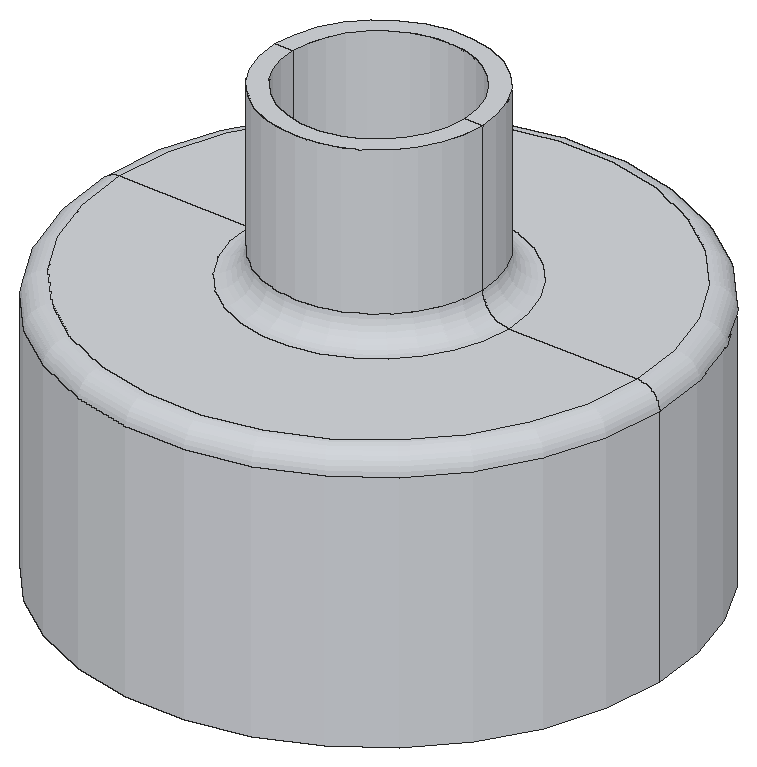
Revit family "TB1B", category Generic Models, Revit 2017
Family settings
  Can host rebar = No
  Round Connector Dimension = Use Diameter
  Part Type = Normal
  Work Plane-Based = Yes
  Always vertical = No
  Cut with Voids When Loaded = No
  Shared = No
  Room Calculation Point = No
Parameters (values of type "NBS Standard Parameters")
  Weight = "0.271Kg"
  WarrantyStartDate [instance] = "1900-12-31T23:59:59"
  WarrantyGuarantorParts = "n/a"
  WarrantyGuarantorLabor = "n/a"
  WarrantyDurationUnit = "1 year"
  WarrantyDurationParts = "n/a"
  WarrantyDurationLabor = "n/a"
  WarrantyDescription = "n/a"
  Version = "1"
  Uniclass2 = "Pr_65_70_11_20"
  TagNumber [instance] = "n/a"
  SustainabilityPerformance = "n/a"
  Size = "20mm"
  Shape = "Circular"
  SerialNumber [instance] = "n/a"
  Revision = "n/a"
  ReplacementCost = "n/a"
  ProductInformation = "www.metpro.co.uk/pdf/tb1g.pdf"
  NominalWidth = 66 mm
  NominalLength = 66 mm
  NominalHeight = 50 mm
  Name = ""
  NBSTypeID = ""
  NBSReference = "90-55-10/460"
  NBSOfficeMasterTag = ""
  NBSNote = ""
  NBSDescription = "Conduit Fittings"
  NBSCertification = ""
  ModelReference = "TB1B"
  ModelNumber = "n/a"
  Material = "Malleable Iron"
  ManufacturerURL = "www.metpro.co.uk"
  ManufacturerName = "Metpro Ltd"
  InstallationDate [instance] = "1900-12-31T23:59:59"
  IfcExportType = ""
  IfcExportAs = ""
  Grade = "n/a"
  Finish = "Black"
  Features = "n/a"
  ExpectedLife = "n/a"
  DurationUnit = "year"
  Description = "TB1 - 20mm Black Outlet Malleable Conduit Box"
  Default Elevation = 1219.2 mm
  Constituents = "n/a"
  Color = "n/a"
  CodePerformance = "n/a"
  Category = "n/a"
  BarCode [instance] = "n/a"
  BIMObjectName = "Metpro_metprolibrary_conduitfitting_metalcomponent_malleablecircularbox"
  Author = "Metpro Ltd"
  AssetType = ""
  AssetIdentifier [instance] = "n/a"
  AccessibilityPerformance = "n/a"
Reference planes
  plane 1 "Center (Front/Back)": y = 0
  plane 2: z = 0
  plane 3 "Center (Left/Right)": x = 0
Forms (mm)
  Revolve 1, solid
    sketch origin (155.469, 905.953, 750.484) x (1, 0, 0) y (0, 0, -1)
      loop
        line (-32.5, 40.541) -> (-32.5, 12.5)
        arc (-32.5, 12.5) -> (-31.768, 10.732) -> (-30, 10) r 2.5
        line (-30, 10) -> (-15.03, 10)
        arc (-15.03, 10) -> (-12.909, 9.121) -> (-12.03, 7) r 3
        line (-12.03, 7) -> (-12.03, -10) -> (-10, -10) -> (-10, 10.411)
        arc (-10, 10.411) -> (-10.624, 11.917) -> (-12.131, 12.541) r 2.131
        line (-12.131, 12.541) -> (-27, 12.541)
        arc (-27, 12.541) -> (-29.121, 13.42) -> (-30, 15.541) r 3
        line (-30, 15.541) -> (-30, 40.541) -> (-32.5, 40.541)
      axis (0, -10) -> (0, 40.541)
    angle from 0 to 360
  Extrusion 2, solid
    sketch origin (155.469, 905.953, 709.943) x (-1, 0, 0) y (0, 1, 0)
      loop
        arc (-21.577, 13.805) -> (-16.02, 13.887) -> (-15.821, 19.441) r 4.033
        line (-15.821, 19.441) -> (-19.326, 22.946)
        arc (-19.326, 22.946) -> (-22.235, 20.14) -> (-24.74, 16.968) r 30
        line (-24.74, 16.968) -> (-21.577, 13.805)
      loop
        circle (-18.842, 16.769) r 1.752
      loop
        line (13.805, -21.577) -> (16.968, -24.74)
        arc (16.968, -24.74) -> (20.14, -22.235) -> (22.946, -19.326) r 30
        line (22.946, -19.326) -> (19.441, -15.821)
        arc (19.441, -15.821) -> (13.887, -16.02) -> (13.805, -21.577) r 4.033
      loop
        circle (16.769, -18.842) r 1.752
    from -2.782 to 0
Dimensions and locks
  aligned and locked: level to plane 2
